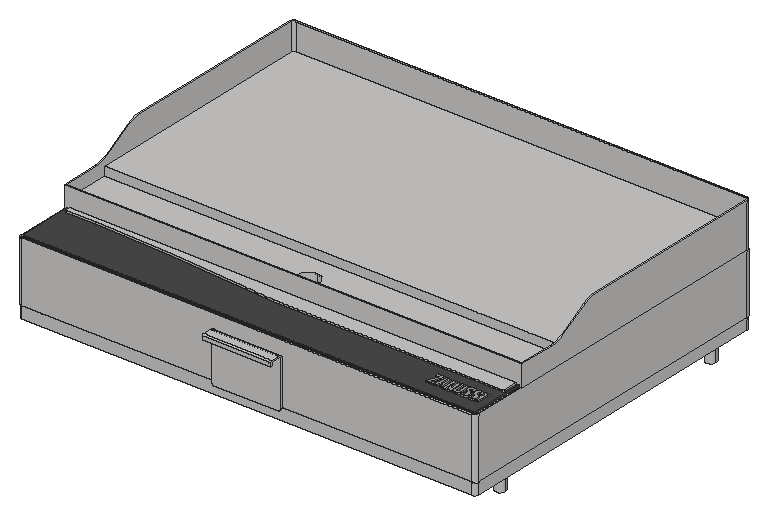
Revit family "QF_ZANUSSI_600899_Z1IREDOMES", category Specialty Equipment, Revit 2018
Family settings
  Round Connector Dimension = Use Diameter
  Part Type = Normal
  Work Plane-Based = No
  Always vertical = Yes
  Cut with Voids When Loaded = No
  Shared = No
  Room Calculation Point = No
Parameters
  Watts = 0 W
  Volts = 0 V
  URL = ""
  Steam Supply Size = 0 mm
  Steam Supply Minimum Pressure = 0.0 Pa
  Steam Supply Maximum Pressure = 0.0 Pa
  Steam Pounds per Hour = 0
  Show Logo [instance] = yes
  Manufacturer = ""
  Phase = 0
  Model = ""
  Item Number = ""
  Hot Water Size = 0 mm
  HP = "9.4 HP"
  Gas Size = 0 mm
  Gas KW = 0
  Direct Waste Size = 0 mm
  Description = ""
  Cycle = 0 Hz
  Condensate Return Size = 0 mm
  Compressed Air Volume = 0.0 L/s
  Compressed Air Size = 0 mm
  Compressed Air Pressure = 0.0 Pa
  Cold Water Size = 0 mm
Types (2, lengths in mm): name | Volts | URL | Manufacturer | Phase | Model | Item Number | Description | Cycle
  (no name) | 0 V | "" | "" | 0 | "" | "" | "" | 0 Hz
  Standard | 380 V | "http://www.zanussiprofessional.com" | "Zanussi" | 3 | "Z1IREDOMES" | "600899" | "PLUG-IN INDUCTION GRIDDLE XL, STAINLESS STEEL SMOOTH PLATE - 3-PHASE" | 60 Hz
Reference planes
  plane 1 "Centro (Fronte/Retro)": y = 74.737
  plane 2: z = 0
  plane 3: x = -514.269
  plane 4 "LEFT": x = -914.269
  plane 5 "RIGHT": x = -114.269
  plane 6 "BACK": y = 374.737
  plane 7 "FRONT": y = -225.263
  plane 8: x = -912.269
  plane 9: y = 372.737
  plane 10: x = -116.269
  plane 11: y = -223.263
  plane 12: y = -124.263
  plane 13: x = -901.269
  plane 14: x = -127.269
  plane 15: y = 304.737
  plane 16: y = -155.263
  plane 17: x = -514.269
  plane 18: y = 146.737
  plane 19: z = 764
Forms (mm)
  Extrusion 1, solid, material "QF_Finishes_Stainless Steel"
    sketch origin (0, 0, 788) x (1, 0, 0) y (0, 1, 0)
      loop
        arc (-907.269, 374.737) -> (-912.218, 372.687) -> (-914.269, 367.737) r 7
        line (-914.269, 367.737) -> (-914.269, -218.263)
        arc (-914.269, -218.263) -> (-912.218, -223.213) -> (-907.269, -225.263) r 7
        line (-907.269, -225.263) -> (-121.269, -225.263)
        arc (-121.269, -225.263) -> (-116.319, -223.213) -> (-114.269, -218.263) r 7
        line (-114.269, -218.263) -> (-114.269, 367.737)
        arc (-114.269, 367.737) -> (-116.319, 372.687) -> (-121.269, 374.737) r 7
        line (-121.269, 374.737) -> (-907.269, 374.737)
    from 0 to 20
  Extrusion 2, solid, material "QF_Finishes_Stainless Steel"
    sketch origin (0, 0, 788) x (1, 0, 0) y (0, 1, 0)
      loop
        line (-121.269, 374.737) -> (-907.269, 374.737)
        arc (-907.269, 374.737) -> (-912.218, 372.687) -> (-914.269, 367.737) r 7
        line (-914.269, 367.737) -> (-914.269, -218.263)
        arc (-914.269, -218.263) -> (-912.218, -223.213) -> (-907.269, -225.263) r 7
        line (-907.269, -225.263) -> (-121.269, -225.263)
        arc (-121.269, -225.263) -> (-116.319, -223.213) -> (-114.269, -218.263) r 7
        line (-114.269, -218.263) -> (-114.269, 367.737)
        arc (-114.269, 367.737) -> (-116.319, 372.687) -> (-121.269, 374.737) r 7
      loop
        arc (-907.269, 372.737) -> (-910.804, 371.273) -> (-912.269, 367.737) r 5
        line (-912.269, 367.737) -> (-912.269, -218.263)
        arc (-912.269, -218.263) -> (-910.804, -221.798) -> (-907.269, -223.263) r 5
        line (-907.269, -223.263) -> (-121.269, -223.263)
        arc (-121.269, -223.263) -> (-117.733, -221.798) -> (-116.269, -218.263) r 5
        line (-116.269, -218.263) -> (-116.269, 367.737)
        arc (-116.269, 367.737) -> (-117.733, 371.273) -> (-121.269, 372.737) r 5
        line (-121.269, 372.737) -> (-907.269, 372.737)
    from 20 to 126
  Extrusion 3, solid, material "QF_Finishes_Black"
    sketch origin (0, 0, 914) x (-1, 0, 0) y (0, -1, 0)
      loop
        line (909.269, 124.263) -> (909.269, 218.263)
        arc (909.269, 218.263) -> (908.683, 219.677) -> (907.269, 220.263) r 2
        line (907.269, 220.263) -> (121.269, 220.263)
        arc (121.269, 220.263) -> (119.854, 219.677) -> (119.269, 218.263) r 2
        line (119.269, 218.263) -> (119.269, 124.263) -> (909.269, 124.263)
    from 0 to 2
  Extrusion 4, solid, material "QF_Finishes_Stainless Steel"
    sketch origin (0, 0, 140) x (-1, 0, 0) y (0, -1, 0)
      loop
        circle (901.269, -304.737) r 9
      loop
        circle (127.269, -304.737) r 9
      loop
        circle (901.269, 155.263) r 9
      loop
        circle (127.269, 155.263) r 9
    from 624 to 648
  Extrusion 5, solid, material "QF_Finishes_Stainless Steel"
    sketch origin (0, 0, 140) x (-1, 0, 0) y (0, -1, 0)
      loop
        circle (514.269, -146.737) r 10
    from 638.028 to 648
  Extrusion 6, solid, material "QF_Finishes_Stainless Steel"
    sketch origin (0, 0, 140) x (-1, 0, 0) y (0, -1, 0)
      loop
        line (121.269, -374.737) -> (907.269, -374.737)
        arc (907.269, -374.737) -> (912.218, -372.687) -> (914.269, -367.737) r 7
        line (914.269, -367.737) -> (914.269, 124.263) -> (114.269, 124.263) -> (114.269, -367.737)
        arc (114.269, -367.737) -> (116.319, -372.687) -> (121.269, -374.737) r 7
      loop
        line (912.269, 122.263) -> (116.269, 122.263) -> (116.269, -367.737)
        arc (116.269, -367.737) -> (117.733, -371.273) -> (121.269, -372.737) r 5
        line (121.269, -372.737) -> (907.269, -372.737)
        arc (907.269, -372.737) -> (910.804, -371.273) -> (912.269, -367.737) r 5
        line (912.269, -367.737) -> (912.269, 122.263)
    from 774 to 851
  Extrusion 7, void
    sketch origin (-914.269, 367.737, 140) x (0, 1, 0) y (0, 0, 1)
      loop
        line (-492, 851) -> (-492, 811) -> (-425.278, 811)
        arc (-425.278, 811) -> (-412.445, 812.675) -> (-400.471, 817.588) r 50
        line (-400.471, 817.588) -> (-353.529, 844.412)
        arc (-353.529, 844.412) -> (-341.555, 849.325) -> (-328.722, 851) r 50
        line (-328.722, 851) -> (-492, 851)
    from 0 to 800
  Extrusion 8, solid, material "QF_Finishes_Stainless Steel"
    sketch origin (0, 0, 140) x (-1, 0, 0) y (0, -1, 0)
      loop
        line (912.269, -367.737) -> (912.269, 40.263) -> (116.269, 40.263) -> (116.269, -367.737)
        arc (116.269, -367.737) -> (117.733, -371.273) -> (121.269, -372.737) r 5
        line (121.269, -372.737) -> (907.269, -372.737)
        arc (907.269, -372.737) -> (910.804, -371.273) -> (912.269, -367.737) r 5
    from 774 to 804.06
  Extrusion 9, solid, material "QF_Finishes_Stainless Steel"
    sketch origin (0, 0, 140) x (-1, 0, 0) y (0, -1, 0)
      loop
        line (912.269, 40.263) -> (912.269, 122.263) -> (116.269, 122.263) -> (116.269, 40.263) -> (912.269, 40.263)
    from 774 to 789
  Extrusion 10, solid, material "QF_Finishes_Stainless Steel"
    sketch origin (-574.269, 367.737, 788) x (0, -1, 0) y (0, 0, 1)
      loop
        line (593, 14) -> (594.5, 14) -> (594.5, 99)
        arc (594.5, 99) -> (594.939, 100.061) -> (596, 100.5) r 1.5
        line (596, 100.5) -> (612, 100.5)
        arc (612, 100.5) -> (613.061, 100.061) -> (613.5, 99) r 1.5
        line (613.5, 99) -> (613.5, 94) -> (615, 94) -> (615, 99)
        arc (615, 99) -> (614.121, 101.121) -> (612, 102) r 3
        line (612, 102) -> (596, 102)
        arc (596, 102) -> (593.879, 101.121) -> (593, 99) r 3
        line (593, 99) -> (593, 14)
    from 0 to -120
  Extrusion 11, void
    sketch origin (-574.269, -226.763, 802) x (0, 0, 1) y (1, 0, 0)
      loop
        arc (4, 0) -> (1.172, 1.172) -> (0, 4) r 4
        line (0, 4) -> (0, 0) -> (4, 0)
      loop
        line (4, 120) -> (0, 120) -> (0, 116)
        arc (0, 116) -> (1.172, 118.828) -> (4, 120) r 4
    from 1.5 to 0
  Extrusion 12, void
    sketch origin (-574.269, -247.263, 890) x (0, 0, 1) y (1, 0, 0)
      loop
        arc (-4, 0) -> (-6.828, 1.172) -> (-8, 4) r 4
        line (-8, 4) -> (-8, 0) -> (-4, 0)
      loop
        line (-4, 120) -> (-8, 120) -> (-8, 116)
        arc (-8, 116) -> (-6.828, 118.828) -> (-4, 120) r 4
    from 0 to 1.5
  Extrusion 13, void
    sketch origin (353.267, 0, 929) x (0, -1, 0) y (-1, 0, 0)
      loop
        circle (91.263, 867.536) r 19
    from 0 to 71.307
  Extrusion 14, solid, material "QF_Finishes_Stainless Steel"
    sketch origin (-200, 0, 914) x (-1, 0, 0) y (0, -1, 0)
      loop
        arc (702.769, 124.263) -> (703.829, 124.702) -> (704.269, 125.763) r 1.5
        line (704.269, 125.763) -> (704.269, 132.763)
        arc (704.269, 132.763) -> (703.829, 133.824) -> (702.769, 134.263) r 1.5
        line (702.769, 134.263) -> (651.769, 134.263)
        arc (651.769, 134.263) -> (582.973, 135.513) -> (514.269, 139.263) r 1893.125
        arc (514.269, 139.263) -> (420.209, 148.26) -> (325.769, 151.263) r 1486.51
        line (325.769, 151.263) -> (-74.231, 151.263)
        arc (-74.231, 151.263) -> (-75.292, 150.824) -> (-75.731, 149.763) r 1.5
        line (-75.731, 149.763) -> (-75.731, 125.763)
        arc (-75.731, 125.763) -> (-75.292, 124.702) -> (-74.231, 124.263) r 1.5
        line (-74.231, 124.263) -> (702.769, 124.263)
    from 2 to 5
Cuts and joins
  Extrusion 7 cuts Extrusion 6
  Extrusion 11 cuts Extrusion 1
  Extrusion 11 cuts Extrusion 10
  Extrusion 13 cuts Extrusion 9
Lines and regions (mm)
  symbolic lines
    curve 1: line (-121.269, 374.737, 126) -> (-907.269, 374.737, 126)
    curve 2: arc (-907.269, 374.737, 126) -> (-912.218, 372.687, 126) -> (-914.269, 367.737, 126) r 7
    curve 3: line (-914.269, 367.737, 126) -> (-914.269, -218.263, 126)
    curve 4: arc (-914.269, -218.263, 126) -> (-912.218, -223.213, 126) -> (-907.269, -225.263, 126) r 7
    curve 5: line (-907.269, -225.263, 126) -> (-121.269, -225.263, 126)
    curve 6: arc (-121.269, -225.263, 126) -> (-116.319, -223.213, 126) -> (-114.269, -218.263, 126) r 7
    curve 7: line (-114.269, -218.263, 126) -> (-114.269, 367.737, 126)
    curve 8: arc (-114.269, 367.737, 126) -> (-116.319, 372.687, 126) -> (-121.269, 374.737, 126) r 7
    curve 9: line (-907.269, 372.737, 126) -> (-121.269, 372.737, 126)
    curve 10: arc (-121.269, 372.737, 126) -> (-117.733, 371.273, 126) -> (-116.269, 367.737, 126) r 5
    curve 11: line (-116.269, 367.737, 126) -> (-116.269, -218.263, 126)
    curve 12: arc (-116.269, -218.263, 126) -> (-117.733, -221.798, 126) -> (-121.269, -223.263, 126) r 5
    curve 13: line (-121.269, -223.263, 126) -> (-907.269, -223.263, 126)
    curve 14: arc (-907.269, -223.263, 126) -> (-910.804, -221.798, 126) -> (-912.269, -218.263, 126) r 5
    curve 15: line (-912.269, -218.263, 126) -> (-912.269, 367.737, 126)
    curve 16: arc (-912.269, 367.737, 126) -> (-910.804, 371.273, 126) -> (-907.269, 372.737, 126) r 5
    curve 17: line (-119.269, -218.263, 126) -> (-119.269, -124.263, 126)
    curve 18: line (-909.269, -124.263, 126) -> (-909.269, -218.263, 126)
    curve 19: arc (-909.269, -218.263, 126) -> (-908.683, -219.677, 126) -> (-907.269, -220.263, 126) r 2
    curve 20: line (-907.269, -220.263, 126) -> (-121.269, -220.263, 126)
    curve 21: arc (-121.269, -220.263, 126) -> (-119.854, -219.677, 126) -> (-119.269, -218.263, 126) r 2
    curve 22: line (-909.269, -124.263, 0) -> (-119.269, -124.263, 0)
    curve 23: line (-912.269, -40.263, 126) -> (-116.269, -40.263, 126)
    curve 24: arc (-514.269, -110.263, 126) -> (-533.269, -91.263, 126) -> (-514.269, -72.263, 126) r 19
    curve 25: arc (-514.269, -72.263, 126) -> (-495.269, -91.263, 126) -> (-514.269, -110.263, 126) r 19
    curve 26: line (-116.269, -122.263, 126) -> (-912.269, -122.263, 126)
    curve 27: line (-574.269, -225.263, 126) -> (-574.269, -247.263, 126)
    curve 28: line (-574.269, -247.263, 126) -> (-454.269, -247.263, 126)
    curve 29: line (-454.269, -247.263, 126) -> (-454.269, -225.263, 126)
    curve 30: arc (-714.269, -139.263, 126) -> (-620.209, -148.26, 126) -> (-525.769, -151.263, 126) r 1486.51
    curve 31: line (-525.769, -151.263, 126) -> (-125.769, -151.263, 126)
    curve 32: arc (-851.769, -134.263, 126) -> (-782.973, -135.513, 126) -> (-714.269, -139.263, 126) r 1893.125
    curve 33: line (-902.769, -134.263, 126) -> (-851.769, -134.263, 126)
    curve 34: arc (-904.269, -132.763, 126) -> (-903.829, -133.824, 126) -> (-902.769, -134.263, 126) r 1.5
    curve 35: line (-904.269, -125.763, 126) -> (-904.269, -132.763, 126)
    curve 36: arc (-902.769, -124.263, 126) -> (-903.829, -124.702, 126) -> (-904.269, -125.763, 126) r 1.5
    curve 37: arc (-125.769, -151.263, 126) -> (-124.708, -150.824, 126) -> (-124.269, -149.763, 126) r 1.5
    curve 38: line (-124.269, -149.763, 126) -> (-124.269, -125.763, 126)
    curve 39: arc (-124.269, -125.763, 126) -> (-124.708, -124.702, 126) -> (-125.769, -124.263, 126) r 1.5
    curve 40: line (-223.54, -176.753, 126) -> (-217.083, -176.613, 126)
    curve 41: line (-217.083, -176.613, 126) -> (-224.101, -191.352, 126)
    curve 42: line (-224.101, -191.352, 126) -> (-224.101, -196.265, 126)
    curve 43: line (-224.101, -196.265, 126) -> (-211.327, -196.265, 126)
    curve 44: line (-211.327, -196.265, 126) -> (-211.327, -191.352, 126)
    curve 45: line (-211.327, -191.352, 126) -> (-218.696, -191.352, 126)
    curve 46: line (-218.696, -191.352, 126) -> (-211.327, -176.332, 126)
    curve 47: line (-211.327, -176.332, 126) -> (-211.327, -172.261, 126)
    curve 48: line (-211.327, -172.261, 126) -> (-223.54, -172.261, 126)
    curve 49: line (-223.54, -172.261, 126) -> (-223.54, -176.753, 126)
    curve 50: line (-199.957, -172.261, 126) -> (-206.695, -172.261, 126)
    curve 51: line (-206.695, -172.261, 126) -> (-211.327, -196.265, 126)
    curve 52: line (-211.327, -196.265, 126) -> (-205.993, -196.265, 126)
    curve 53: line (-205.993, -196.265, 126) -> (-205.291, -191.633, 126)
    curve 54: line (-205.291, -191.633, 126) -> (-201.221, -191.633, 126)
    curve 55: line (-201.221, -191.633, 126) -> (-200.519, -196.265, 126)
    curve 56: line (-200.519, -196.265, 126) -> (-195.465, -196.265, 126)
    curve 57: line (-195.465, -196.265, 126) -> (-199.957, -172.261, 126)
    curve 58: line (-204.73, -187.281, 126) -> (-203.326, -176.364, 126)
    curve 59: line (-203.326, -176.364, 126) -> (-201.922, -187.281, 126)
    curve 60: line (-201.922, -187.281, 126) -> (-204.73, -187.281, 126)
    curve 61: line (-195.465, -172.261, 126) -> (-195.465, -196.265, 126)
    curve 62: line (-195.465, -196.265, 126) -> (-190.833, -196.265, 126)
    curve 63: line (-190.833, -196.265, 126) -> (-190.833, -180.403, 126)
    curve 64: line (-190.833, -180.403, 126) -> (-186.762, -196.265, 126)
    curve 65: line (-186.762, -196.265, 126) -> (-181.428, -196.265, 126)
    curve 66: line (-181.428, -196.265, 126) -> (-181.428, -172.261, 126)
    curve 67: line (-181.428, -172.261, 126) -> (-185.92, -172.261, 126)
    curve 68: line (-185.92, -172.261, 126) -> (-185.92, -187.562, 126)
    curve 69: line (-185.92, -187.562, 126) -> (-189.991, -172.261, 126)
    curve 70: line (-189.991, -172.261, 126) -> (-195.465, -172.261, 126)
    curve 71: line (-180.305, -172.261, 126) -> (-180.305, -188.404, 126)
    curve 72: line (-180.305, -188.404, 126) -> (-180.024, -192.334, 126)
    curve 73: line (-180.024, -192.334, 126) -> (-179.603, -193.317, 126)
    curve 74: line (-179.603, -193.317, 126) -> (-178.62, -194.58, 126)
    curve 75: line (-178.62, -194.58, 126) -> (-177.638, -195.282, 126)
    curve 76: line (-177.638, -195.282, 126) -> (-175.672, -196.124, 126)
    curve 77: line (-175.672, -196.124, 126) -> (-174.69, -196.265, 126)
    curve 78: line (-174.69, -196.265, 126) -> (-172.444, -196.265, 126)
    curve 79: line (-172.444, -196.265, 126) -> (-171.321, -195.984, 126)
    curve 80: line (-171.321, -195.984, 126) -> (-169.636, -195.001, 126)
    curve 81: line (-169.636, -195.001, 126) -> (-167.671, -192.194, 126)
    curve 82: line (-167.671, -192.194, 126) -> (-167.531, -191.211, 126)
    curve 83: line (-167.531, -191.211, 126) -> (-167.531, -172.261, 126)
    curve 84: line (-167.531, -172.261, 126) -> (-172.444, -172.261, 126)
    curve 85: line (-172.444, -172.261, 126) -> (-172.444, -190.088, 126)
    curve 86: line (-172.444, -190.088, 126) -> (-173.005, -191.352, 126)
    curve 87: line (-173.005, -191.352, 126) -> (-174.55, -191.492, 126)
    curve 88: line (-174.55, -191.492, 126) -> (-175.392, -190.509, 126)
    curve 89: line (-175.392, -190.509, 126) -> (-175.392, -172.261, 126)
    curve 90: line (-175.392, -172.261, 126) -> (-180.305, -172.261, 126)
    curve 91: line (-155.038, -184.895, 126) -> (-160.653, -179.841, 126)
    curve 92: line (-160.653, -179.841, 126) -> (-161.354, -178.999, 126)
    curve 93: line (-161.354, -178.999, 126) -> (-161.635, -176.753, 126)
    curve 94: line (-161.635, -176.753, 126) -> (-159.951, -175.911, 126)
    curve 95: line (-159.951, -175.911, 126) -> (-158.547, -176.893, 126)
    curve 96: line (-158.547, -176.893, 126) -> (-158.407, -179.841, 126)
    curve 97: line (-158.407, -179.841, 126) -> (-153.774, -179.841, 126)
    curve 98: line (-153.774, -179.841, 126) -> (-154.055, -175.068, 126)
    curve 99: line (-154.055, -175.068, 126) -> (-157.003, -172.401, 126)
    curve 100: line (-157.003, -172.401, 126) -> (-165.144, -173.805, 126)
    curve 101: line (-165.144, -173.805, 126) -> (-166.127, -180.824, 126)
    curve 102: line (-166.127, -180.824, 126) -> (-163.881, -184.052, 126)
    curve 103: line (-163.881, -184.052, 126) -> (-161.495, -186.158, 126)
    curve 104: line (-161.495, -186.158, 126) -> (-158.547, -189.106, 126)
    curve 105: line (-158.547, -189.106, 126) -> (-159.108, -191.773, 126)
    curve 106: line (-159.108, -191.773, 126) -> (-160.933, -191.913, 126)
    curve 107: line (-160.933, -191.913, 126) -> (-161.916, -187.842, 126)
    curve 108: line (-161.916, -187.842, 126) -> (-166.829, -187.842, 126)
    curve 109: line (-166.829, -187.842, 126) -> (-165.425, -194.44, 126)
    curve 110: line (-165.425, -194.44, 126) -> (-159.249, -196.265, 126)
    curve 111: line (-159.249, -196.265, 126) -> (-153.634, -192.334, 126)
    curve 112: line (-153.634, -192.334, 126) -> (-155.038, -184.895, 126)
    curve 113: line (-141.141, -184.754, 126) -> (-147.036, -179.42, 126)
    curve 114: line (-147.036, -179.42, 126) -> (-147.738, -177.595, 126)
    curve 115: line (-147.738, -177.595, 126) -> (-147.177, -176.191, 126)
    curve 116: line (-147.177, -176.191, 126) -> (-145.913, -175.911, 126)
    curve 117: line (-145.913, -175.911, 126) -> (-144.51, -176.893, 126)
    curve 118: line (-144.51, -176.893, 126) -> (-144.369, -179.701, 126)
    curve 119: line (-144.369, -179.701, 126) -> (-139.597, -179.841, 126)
    curve 120: line (-139.597, -179.841, 126) -> (-140.158, -174.928, 126)
    curve 121: line (-140.158, -174.928, 126) -> (-147.598, -171.98, 126)
    curve 122: line (-147.598, -171.98, 126) -> (-152.09, -175.63, 126)
    curve 123: line (-152.09, -175.63, 126) -> (-150.826, -182.929, 126)
    curve 124: line (-150.826, -182.929, 126) -> (-145.633, -187.562, 126)
    curve 125: line (-145.633, -187.562, 126) -> (-144.51, -189.246, 126)
    curve 126: line (-144.51, -189.246, 126) -> (-144.931, -191.773, 126)
    curve 127: line (-144.931, -191.773, 126) -> (-146.335, -192.054, 126)
    curve 128: line (-146.335, -192.054, 126) -> (-147.878, -187.702, 126)
    curve 129: line (-147.878, -187.702, 126) -> (-152.792, -187.842, 126)
    curve 130: line (-152.792, -187.842, 126) -> (-150.967, -194.721, 126)
    curve 131: line (-150.967, -194.721, 126) -> (-142.966, -195.703, 126)
    curve 132: line (-142.966, -195.703, 126) -> (-139.877, -192.896, 126)
    curve 133: line (-139.877, -192.896, 126) -> (-141.141, -184.754, 126)
    curve 134: line (-133.841, -196.265, 126) -> (-133.841, -172.261, 126)
    curve 135: line (-133.841, -172.261, 126) -> (-138.754, -172.261, 126)
    curve 136: line (-138.754, -172.261, 126) -> (-138.754, -196.265, 126)
    curve 137: line (-138.754, -196.265, 126) -> (-133.841, -196.265, 126)
Dimensions and locks
  equal spacing: plane 4 "LEFT", plane 3, plane 5 "RIGHT"
  plane 4 "LEFT" to plane 5 "RIGHT" = 800 mm
  equal spacing: plane 6 "BACK", plane 1 "Centro (Fronte/Retro)", plane 7 "FRONT"
  plane 6 "BACK" to plane 7 "FRONT" = 600 mm
  locked: plane 4 "LEFT" to plane 13 at 13
  locked: plane 14 to plane 5 "RIGHT" at 13
  locked: plane 6 "BACK" to plane 15 at 70
  locked: plane 16 to plane 7 "FRONT" at 70
  plane 17 to plane 5 "RIGHT" = 400 mm
  plane 6 "BACK" to plane 18 = 228 mm
  locked: plane 10 to plane 5 "RIGHT" at 2
  locked: plane 11 to plane 7 "FRONT" at 2
  locked: plane 4 "LEFT" to plane 8 at 2
  plane 19 to level = 764 mm
  aligned and locked: level to plane 2
Automatic sketch dimensions
  curve 22 to plane 12 = 0 mm
  plane 8 to curve 22 = 3 mm
  curve 22 to plane 10 = 3 mm
  curve 2 to curve 16 = 0 mm  (x2)
  curve 4 to curve 14 = 0 mm  (x2)
  curve 4 to curve 19 = 0 mm  (x2)
  curve 6 to curve 12 = 0 mm  (x2)
  curve 6 to curve 21 = 0 mm  (x2)
  curve 8 to curve 10 = 0 mm  (x2)
  curve 12 to curve 21 = 0 mm  (x2)
  curve 14 to curve 19 = 0 mm  (x2)
  curve 24 to curve 25 = 0 mm  (x2)
  curve 6 to plane 5 "RIGHT" = 0 mm
  curve 12 to plane 10 = 0 mm
  curve 17 to plane 12 = 0 mm
  curve 5 to plane 7 "FRONT" = 0 mm
  curve 8 to plane 6 "BACK" = 0 mm
  curve 39 to plane 12 = 0 mm
  curve 25 to plane 3 = 0 mm
  curve 36 to plane 12 = 0 mm
  curve 18 to plane 12 = 0 mm
  curve 23 to plane 8 = 0 mm
  curve 11 to curve 17 = 3 mm
  curve 17 to curve 6 = 2 mm
  curve 8 to plane 9 = 5 mm
  plane 14 to curve 38 = 3 mm
  plane 14 to curve 31 = 1.5 mm
  curve 39 to curve 39 = 1.5 mm
  curve 134 to plane 14 = 6.573 mm
  curve 134 to curve 137 = 4.913 mm
  curve 135 to curve 119 = 0.842 mm
  curve 136 to curve 132 = 1.123 mm
  curve 135 to curve 121 = 1.404 mm
  curve 119 to curve 133 = 1.544 mm
  curve 132 to curve 131 = 3.088 mm
  curve 119 to curve 118 = 4.773 mm
  curve 118 to curve 118 = 0.141 mm
  curve 113 to curve 125 = 3.369 mm
  curve 125 to curve 127 = 0.421 mm
  curve 125 to curve 124 = 1.123 mm
  curve 117 to curve 116 = 1.404 mm
  curve 126 to curve 128 = 1.404 mm
  curve 118 to curve 113 = 2.667 mm
  curve 116 to curve 115 = 1.263 mm
  curve 115 to curve 122 = 0.421 mm
  curve 115 to curve 114 = 0.562 mm
  curve 124 to curve 128 = 2.246 mm
  curve 113 to curve 124 = 3.79 mm
  curve 127 to curve 131 = 4.632 mm
  curve 114 to curve 123 = 4.352 mm
  curve 128 to curve 130 = 4.913 mm
  curve 130 to curve 111 = 2.667 mm
  curve 123 to curve 97 = 2.948 mm
  curve 122 to curve 98 = 1.965 mm
  curve 129 to curve 112 = 2.246 mm
  curve 98 to curve 99 = 2.948 mm
  curve 97 to curve 96 = 4.632 mm
  curve 96 to curve 95 = 0.14 mm
  curve 91 to curve 104 = 3.509 mm
  curve 104 to curve 106 = 0.562 mm
  curve 105 to curve 110 = 0.14 mm
  curve 95 to curve 94 = 1.404 mm
  curve 96 to curve 92 = 2.246 mm
  curve 105 to curve 107 = 1.825 mm
  curve 91 to curve 92 = 0.702 mm
  curve 104 to curve 104 = 2.948 mm
  curve 94 to curve 93 = 1.684 mm
  curve 103 to curve 108 = 0.421 mm
  curve 103 to curve 103 = 2.386 mm
  curve 101 to plane 16 = 18.542 mm
  curve 93 to curve 101 = 3.509 mm
  curve 106 to curve 109 = 4.492 mm
  curve 102 to curve 101 = 2.246 mm
  curve 102 to curve 109 = 2.948 mm
  curve 100 to curve 83 = 2.386 mm
  curve 82 to curve 82 = 0.14 mm
  curve 81 to curve 80 = 1.965 mm
  curve 80 to curve 79 = 1.685 mm
  curve 82 to curve 85 = 4.913 mm
  curve 79 to curve 78 = 1.123 mm
  curve 85 to curve 86 = 0.561 mm
  curve 86 to curve 88 = 1.544 mm
  curve 78 to curve 77 = 2.246 mm
  curve 84 to curve 89 = 2.948 mm
  curve 77 to curve 76 = 0.982 mm
  curve 76 to curve 75 = 1.965 mm
  curve 75 to curve 74 = 0.983 mm
  curve 74 to curve 74 = 0.983 mm
  curve 73 to curve 73 = 0.421 mm
  curve 89 to curve 90 = 4.913 mm
  curve 74 to curve 66 = 2.808 mm
  curve 66 to curve 67 = 4.492 mm
  plane 11 to curve 64 = 26.998 mm
  curve 65 to curve 64 = 5.334 mm
  curve 67 to curve 70 = 4.071 mm
  curve 69 to curve 63 = 0.842 mm
  curve 62 to curve 56 = 4.632 mm
  curve 57 to plane 16 = 16.998 mm
  curve 61 to curve 57 = 4.492 mm
  plane 11 to curve 55 = 26.998 mm
  curve 56 to curve 55 = 5.053 mm
  plane 11 to curve 55 = 31.63 mm
  curve 55 to curve 55 = 0.702 mm
  curve 59 to plane 16 = 32.018 mm
  curve 54 to curve 59 = 0.702 mm
  curve 58 to plane 16 = 21.101 mm
  curve 50 to curve 58 = 3.369 mm
  curve 59 to curve 58 = 2.807 mm
  curve 54 to curve 53 = 4.071 mm
  plane 11 to curve 53 = 26.998 mm
  curve 53 to curve 53 = 0.702 mm
  curve 58 to curve 51 = 3.369 mm
  curve 52 to curve 51 = 5.334 mm
  curve 46 to plane 16 = 21.069 mm
  curve 50 to curve 46 = 4.632 mm
  curve 40 to plane 16 = 21.35 mm
  curve 46 to curve 40 = 5.755 mm
  plane 11 to curve 46 = 31.911 mm
  curve 44 to curve 46 = 7.368 mm
  curve 40 to curve 48 = 6.457 mm
  plane 11 to curve 41 = 31.911 mm
  curve 45 to curve 41 = 5.406 mm
  curve 29 to plane 7 "FRONT" = 22 mm
  plane 3 to curve 29 = 60 mm
  curve 30 to plane 3 = 11.5 mm
  curve 27 to plane 3 = 60 mm
  curve 33 to plane 12 = 10 mm
  plane 13 to curve 33 = 49.5 mm
  curve 34 to plane 13 = 1.5 mm
  curve 36 to plane 13 = 1.5 mm
  curve 34 to curve 35 = 1.5 mm
  plane 8 to curve 9 = 5 mm
  plane 8 to curve 13 = 5 mm
  plane 6 "BACK" to curve 30 = 960.51 mm
  plane 12 to curve 25 = 33 mm
  curve 38 to curve 38 = 24 mm
  curve 122 to plane 16 = 16.717 mm
  curve 121 to curve 136 = 0.281 mm
  curve 50 to curve 61 = 0 mm
  curve 69 to curve 66 = 0 mm
  curve 66 to curve 90 = 0 mm
  curve 49 to curve 40 = 4.352 mm
  curve 83 to curve 100 = 1.544 mm
  curve 99 to curve 100 = 1.404 mm
  curve 135 to curve 120 = 2.667 mm
  curve 99 to curve 99 = 2.667 mm
  curve 98 to curve 123 = 0.561 mm
  curve 121 to curve 116 = 3.93 mm
  curve 99 to curve 94 = 3.509 mm
  curve 116 to curve 116 = 0.281 mm
  curve 94 to curve 94 = 0.842 mm
  curve 48 to curve 49 = 4.492 mm
  curve 116 to curve 117 = 0.983 mm
  curve 94 to curve 96 = 0.983 mm
  curve 115 to curve 115 = 1.404 mm
  curve 93 to curve 92 = 2.246 mm
  curve 114 to curve 114 = 1.825 mm
  curve 113 to curve 119 = 0.281 mm
  curve 118 to curve 119 = 0.14 mm
  curve 122 to curve 98 = 4.211 mm
  curve 92 to curve 91 = 0.842 mm
  curve 69 to curve 63 = 8.142 mm
  curve 92 to curve 102 = 1.825 mm
  curve 97 to curve 123 = 3.088 mm
  curve 101 to curve 103 = 3.228 mm
  curve 119 to curve 113 = 4.913 mm
  curve 123 to curve 112 = 1.965 mm
  curve 102 to curve 104 = 2.106 mm
  curve 63 to curve 69 = 7.159 mm
  curve 113 to curve 125 = 2.807 mm
  curve 124 to curve 129 = 0.14 mm
  curve 102 to curve 108 = 3.79 mm
  curve 91 to curve 130 = 2.948 mm
  curve 68 to curve 72 = 0.842 mm
  curve 107 to curve 105 = 1.264 mm
  curve 124 to curve 126 = 1.685 mm
  curve 108 to curve 86 = 2.246 mm
  curve 85 to curve 88 = 0.421 mm
  curve 108 to curve 83 = 3.369 mm
  curve 85 to curve 87 = 1.263 mm
  curve 88 to curve 88 = 0.983 mm
  curve 125 to curve 127 = 2.527 mm
  curve 104 to curve 106 = 2.667 mm
  curve 105 to curve 106 = 0.14 mm
  curve 126 to curve 128 = 0.281 mm
  curve 82 to curve 81 = 0.982 mm
  curve 129 to curve 111 = 4.492 mm
  curve 71 to curve 73 = 3.93 mm
  curve 126 to curve 133 = 1.123 mm
  curve 72 to curve 73 = 0.983 mm
  curve 81 to curve 110 = 2.246 mm
  curve 73 to curve 75 = 1.263 mm
  curve 111 to curve 130 = 2.386 mm
  curve 81 to curve 80 = 2.808 mm
  curve 74 to curve 75 = 0.702 mm
  curve 132 to curve 131 = 2.807 mm
  curve 80 to curve 80 = 0.983 mm
  curve 75 to curve 76 = 0.842 mm
  curve 105 to curve 110 = 4.492 mm
  curve 76 to curve 77 = 0.14 mm
  curve 132 to curve 134 = 3.369 mm
  curve 27 to curve 32 = 1780.125 mm
  plane 12 to curve 23 = 84 mm
  curve 24 to curve 24 = 19 mm
  plane 12 to curve 26 = 2 mm
  Extrusion 1 sketch curve to plane 4 "LEFT" = 0 mm
  Extrusion 1 sketch curve to plane 7 "FRONT" = 0 mm
  Extrusion 1 sketch curve to plane 6 "BACK" = 0 mm
  Extrusion 1 sketch curve to plane 5 "RIGHT" = 0 mm
  plane 8 to Extrusion 1 sketch curve = 5 mm  (x2)
  Extrusion 1 sketch curve to plane 10 = 5 mm  (x2)
  Extrusion 2 sketch curve to Extrusion 2 sketch curve = 0 mm  (x8)
  Extrusion 2 sketch curve to plane 4 "LEFT" = 0 mm
  Extrusion 2 sketch curve to plane 8 = 0 mm
  Extrusion 2 sketch curve to plane 6 "BACK" = 0 mm
  Extrusion 2 sketch curve to plane 7 "FRONT" = 0 mm
  Extrusion 2 sketch curve to plane 10 = 0 mm
  Extrusion 2 sketch curve to Extrusion 2 sketch curve = 5 mm  (x2)
  Extrusion 2 sketch curve to plane 10 = 5 mm  (x2)
  Extrusion 3 sketch curve to plane 12 = 0 mm
  Extrusion 3 sketch curve to plane 10 = 3 mm
  Extrusion 3 sketch curve to Extrusion 3 sketch curve = 2 mm  (x2)
  plane 8 to Extrusion 3 sketch curve = 5 mm
  plane 11 to Extrusion 3 sketch curve = 5 mm
  Extrusion 4 sketch curve to plane 14 = 0 mm  (x2)
  Extrusion 4 sketch curve to plane 13 = 0 mm  (x2)
  plane 15 to Extrusion 4 sketch curve = 0 mm
  Extrusion 4 sketch curve to plane 15 = 0 mm
  plane 16 to Extrusion 4 sketch curve = 0 mm
  Extrusion 4 sketch curve to plane 16 = 0 mm
  Extrusion 5 sketch curve to plane 3 = 0 mm
  Extrusion 5 sketch curve to plane 18 = 0 mm
  Extrusion 6 sketch curve to Extrusion 6 sketch curve = 0 mm  (x4)
  Extrusion 6 sketch curve to plane 5 "RIGHT" = 0 mm
  Extrusion 6 sketch curve to plane 10 = 0 mm
  Extrusion 6 sketch curve to plane 9 = 0 mm
  Extrusion 6 sketch curve to plane 8 = 0 mm
  Extrusion 6 sketch curve to plane 12 = 0 mm
  Extrusion 6 sketch curve to Extrusion 6 sketch curve = 5 mm
  plane 8 to Extrusion 6 sketch curve = 5 mm
  plane 12 to Extrusion 6 sketch curve = 2 mm
  Extrusion 7 sketch curve to Extrusion 6 = 0 mm  (x2)
  Extrusion 7 sketch curve to Extrusion 6 = 37 mm
  Extrusion 6 to Extrusion 7 sketch curve = 66.722 mm
  Extrusion 7 sketch curve to Extrusion 6 = 33.412 mm
  Extrusion 7 sketch curve to Extrusion 7 sketch curve = 24.807 mm
  Extrusion 7 sketch curve to Extrusion 6 = 6.588 mm
  Extrusion 7 sketch curve to Extrusion 7 sketch curve = 46.943 mm
  Extrusion 7 sketch curve to Extrusion 6 = 27 mm
  Extrusion 8 sketch curve to plane 10 = 0 mm
  Extrusion 8 sketch curve to plane 9 = 0 mm
  Extrusion 8 sketch curve to plane 8 = 0 mm
  Extrusion 8 sketch curve to plane 10 = 5 mm
  plane 8 to Extrusion 8 sketch curve = 5 mm
  plane 12 to Extrusion 8 sketch curve = 84 mm
  Extrusion 9 sketch curve to plane 10 = 0 mm
  Extrusion 9 sketch curve to plane 8 = 0 mm
  plane 12 to Extrusion 9 sketch curve = 84 mm
  plane 12 to Extrusion 9 sketch curve = 2 mm
  Extrusion 10 sketch curve to Extrusion 10 sketch curve = 0 mm  (x5)
  Extrusion 10 sketch curve to plane 7 "FRONT" = 0 mm
  Extrusion 10 sketch curve to Extrusion 10 sketch curve = 1.5 mm  (x3)
  Extrusion 10 sketch curve to Extrusion 10 sketch curve = 16 mm
  plane 19 to Extrusion 10 sketch curve = 38 mm
  Extrusion 10 sketch curve to Extrusion 10 sketch curve = 80 mm
  Extrusion 10 sketch curve to Extrusion 10 sketch curve = 5 mm
  Extrusion 11 sketch curve to Extrusion 10 = 0 mm  (x4)
  Extrusion 11 sketch curve to Extrusion 10 = 4 mm  (x2)
  Extrusion 12 sketch curve to Extrusion 10 = 0 mm  (x4)
  Extrusion 10 to Extrusion 12 sketch curve = 1 mm  (x2)
  Extrusion 13 sketch curve to plane 3 = 0 mm
  plane 12 to Extrusion 13 sketch curve = 33 mm
  Extrusion 14 sketch curve to plane 12 = 0 mm
  plane 14 to Extrusion 14 sketch curve = 3 mm
  plane 14 to Extrusion 14 sketch curve = 1.5 mm  (x2)
  plane 16 to Extrusion 14 sketch curve = 4 mm
  Extrusion 14 sketch curve to plane 3 = 11.5 mm
  plane 13 to Extrusion 14 sketch curve = 49.5 mm
  Extrusion 14 sketch curve to plane 13 = 1.5 mm  (x2)
  Extrusion 14 sketch curve to Extrusion 14 sketch curve = 1.5 mm
  plane 6 "BACK" to Extrusion 14 sketch curve = 960.51 mm
  Extrusion 14 sketch curve to Extrusion 14 sketch curve = 7 mm
  Extrusion 14 sketch curve to plane 7 "FRONT" = 1802.125 mm
  radius of Extrusion 4 sketch curve = 9 mm  (x4)
  radius of Extrusion 5 sketch curve = 10 mm
  radius of Extrusion 13 sketch curve = 19 mm
Nested families
  nested 1: "ZAN_Logo_S_Grey" at (-178.971, -184.263, 916), visible <- "Show Logo", type "ZAN_Logo_S_Grey"
Connectors
  electrical at (-514.269, 146.737, 778.028)
    settings: on Extrusion 5, index 2, voltage 0 V, apparent load 0 VA, apparent load phase1 0 VA, apparent load phase2 0 VA, apparent load phase3 0 VA, power factor 1, load classification "Altro", number of poles 1, system type 30, power factor state 1, is connector primary yes, connector utility no, sub classification motor no, connector description ""
Definition of nested family "ZAN_Logo_S_Grey"
  Parameters (values of type "ZAN_Logo_S_Grey")
    Default Elevation = 0 mm
  Reference planes
    plane 1 "Centro (Fronte/Retro)": y = 0
    plane 2: z = 0
    plane 3 "Centro (Sinistra/Destra)": x = 0
  Forms (mm)
    Extrusion 1, solid
      sketch origin (0, 0, 0) x (1, 0, 0) y (0, 1, 0)
        loop
          line (-1219.2, 1219.2) -> (-1219.2, -1219.2) -> (1219.2, -1219.2) -> (1219.2, 1219.2) -> (-1219.2, 1219.2)
      from 0 to -304.8
    Extrusion 2, solid
      sketch origin (17.793, -46.218, 0) x (-1, 0, 0) y (0, -1, 0)
        loop
          spline (-4.176, -58.079) -> (-3.496, -58.328) -> (-2.793, -58.512) -> (-2.075, -58.63) -> (-1.348, -58.682) -> (-0.619, -58.669) -> (0.106, -58.588) -> (0.818, -58.44) -> (1.512, -58.225) -> (2.18, -57.941) -> (2.817, -57.589) -> (3.414, -57.167) -> (3.966, -56.676)
          spline (3.966, -56.676) -> (4.293, -56.162) -> (4.575, -55.61) -> (4.81, -55.026) -> (5, -54.419) -> (5.146, -53.797) -> (5.247, -53.166) -> (5.304, -52.536) -> (5.318, -51.913) -> (5.288, -51.306) -> (5.217, -50.723) -> (5.103, -50.17) -> (4.949, -49.657)
          line (4.949, -49.657) -> (2.702, -46.428) -> (0.316, -44.323)
          spline (0.316, -44.323) -> (0.065, -44.115) -> (-0.195, -43.909) -> (-0.46, -43.704) -> (-0.729, -43.496) -> (-0.997, -43.282) -> (-1.263, -43.059) -> (-1.523, -42.825) -> (-1.774, -42.576) -> (-2.013, -42.309) -> (-2.238, -42.022) -> (-2.445, -41.712) -> (-2.632, -41.375)
          spline (-2.632, -41.375) -> (-2.666, -41.159) -> (-2.697, -40.934) -> (-2.722, -40.701) -> (-2.736, -40.465) -> (-2.736, -40.227) -> (-2.72, -39.989) -> (-2.682, -39.754) -> (-2.621, -39.524) -> (-2.533, -39.302) -> (-2.414, -39.091) -> (-2.261, -38.892) -> (-2.07, -38.708)
          line (-2.07, -38.708) -> (-0.245, -38.567)
          spline (-0.245, -38.567) -> (0.096, -38.8) -> (0.354, -39.074) -> (0.54, -39.381) -> (0.664, -39.716) -> (0.738, -40.073) -> (0.772, -40.445) -> (0.777, -40.825) -> (0.763, -41.208) -> (0.742, -41.588) -> (0.723, -41.957) -> (0.718, -42.309) -> (0.737, -42.638)
          line (0.737, -42.638) -> (5.65, -42.638)
          spline (5.65, -42.638) -> (5.708, -42.042) -> (5.741, -41.448) -> (5.747, -40.857) -> (5.723, -40.273) -> (5.668, -39.696) -> (5.58, -39.129) -> (5.457, -38.574) -> (5.297, -38.032) -> (5.098, -37.506) -> (4.857, -36.997) -> (4.574, -36.508) -> (4.247, -36.041)
          spline (4.247, -36.041) -> (3.844, -35.675) -> (3.409, -35.35) -> (2.946, -35.065) -> (2.458, -34.819) -> (1.949, -34.612) -> (1.421, -34.444) -> (0.88, -34.314) -> (0.326, -34.221) -> (-0.234, -34.165) -> (-0.8, -34.146) -> (-1.366, -34.163) -> (-1.93, -34.216)
          spline (-1.93, -34.216) -> (-2.526, -34.309) -> (-3.116, -34.448) -> (-3.695, -34.633) -> (-4.259, -34.861) -> (-4.801, -35.131) -> (-5.316, -35.444) -> (-5.799, -35.798) -> (-6.245, -36.191) -> (-6.648, -36.624) -> (-7.002, -37.095) -> (-7.303, -37.603) -> (-7.545, -38.146)
          spline (-7.545, -38.146) -> (-7.694, -38.815) -> (-7.792, -39.487) -> (-7.839, -40.158) -> (-7.836, -40.824) -> (-7.785, -41.482) -> (-7.685, -42.129) -> (-7.539, -42.762) -> (-7.347, -43.377) -> (-7.111, -43.97) -> (-6.83, -44.538) -> (-6.506, -45.078) -> (-6.141, -45.586)
          line (-6.141, -45.586) -> (-0.526, -50.64) -> (0.176, -51.482)
          spline (0.176, -51.482) -> (0.248, -51.66) -> (0.323, -51.843) -> (0.397, -52.03) -> (0.467, -52.22) -> (0.529, -52.412) -> (0.579, -52.605) -> (0.615, -52.798) -> (0.633, -52.989) -> (0.63, -53.179) -> (0.601, -53.366) -> (0.545, -53.55) -> (0.456, -53.728)
          spline (0.456, -53.728) -> (0.375, -53.892) -> (0.273, -54.034) -> (0.154, -54.155) -> (0.02, -54.258) -> (-0.126, -54.343) -> (-0.28, -54.412) -> (-0.441, -54.466) -> (-0.604, -54.508) -> (-0.767, -54.537) -> (-0.928, -54.556) -> (-1.082, -54.567) -> (-1.228, -54.57)
          line (-1.228, -54.57) -> (-2.632, -53.587) -> (-2.772, -50.64) -> (-7.405, -50.64)
          spline (-7.405, -50.64) -> (-7.41, -51.031) -> (-7.423, -51.432) -> (-7.44, -51.839) -> (-7.456, -52.251) -> (-7.469, -52.665) -> (-7.475, -53.079) -> (-7.468, -53.489) -> (-7.446, -53.894) -> (-7.404, -54.291) -> (-7.339, -54.679) -> (-7.247, -55.053) -> (-7.123, -55.412)
          spline (-7.123, -55.412) -> (-6.999, -55.693) -> (-6.837, -55.97) -> (-6.643, -56.244) -> (-6.422, -56.509) -> (-6.177, -56.765) -> (-5.913, -57.009) -> (-5.634, -57.238) -> (-5.346, -57.45) -> (-5.051, -57.643) -> (-4.755, -57.814) -> (-4.462, -57.96) -> (-4.176, -58.079)
        loop
          spline (-21.021, -55.552) -> (-20.633, -56.181) -> (-20.177, -56.736) -> (-19.661, -57.217) -> (-19.092, -57.627) -> (-18.478, -57.966) -> (-17.827, -58.237) -> (-17.147, -58.441) -> (-16.446, -58.578) -> (-15.73, -58.652) -> (-15.009, -58.662) -> (-14.29, -58.611) -> (-13.581, -58.5)
          spline (-13.581, -58.5) -> (-13.088, -58.407) -> (-12.595, -58.269) -> (-12.109, -58.088) -> (-11.636, -57.866) -> (-11.183, -57.605) -> (-10.756, -57.307) -> (-10.361, -56.974) -> (-10.004, -56.608) -> (-9.692, -56.211) -> (-9.431, -55.784) -> (-9.228, -55.33) -> (-9.089, -54.851)
          spline (-9.089, -54.851) -> (-8.873, -54.211) -> (-8.715, -53.559) -> (-8.615, -52.901) -> (-8.574, -52.241) -> (-8.592, -51.585) -> (-8.668, -50.938) -> (-8.802, -50.306) -> (-8.995, -49.693) -> (-9.247, -49.106) -> (-9.557, -48.55) -> (-9.925, -48.03) -> (-10.352, -47.551)
          line (-10.352, -47.551) -> (-15.546, -42.919) -> (-16.669, -41.234)
          spline (-16.669, -41.234) -> (-16.704, -41.021) -> (-16.735, -40.804) -> (-16.761, -40.583) -> (-16.778, -40.361) -> (-16.784, -40.139) -> (-16.774, -39.919) -> (-16.748, -39.701) -> (-16.7, -39.488) -> (-16.63, -39.28) -> (-16.533, -39.08) -> (-16.406, -38.889) -> (-16.248, -38.708)
          line (-16.248, -38.708) -> (-14.844, -38.427)
          spline (-14.844, -38.427) -> (-14.347, -38.545) -> (-13.969, -38.749) -> (-13.695, -39.028) -> (-13.508, -39.368) -> (-13.393, -39.757) -> (-13.335, -40.182) -> (-13.318, -40.63) -> (-13.326, -41.089) -> (-13.344, -41.546) -> (-13.356, -41.988) -> (-13.347, -42.403) -> (-13.3, -42.779)
          line (-13.3, -42.779) -> (-8.387, -42.638)
          spline (-8.387, -42.638) -> (-8.326, -42.034) -> (-8.288, -41.417) -> (-8.277, -40.794) -> (-8.299, -40.169) -> (-8.357, -39.548) -> (-8.457, -38.936) -> (-8.604, -38.339) -> (-8.803, -37.762) -> (-9.058, -37.21) -> (-9.375, -36.689) -> (-9.758, -36.204) -> (-10.212, -35.76)
          spline (-10.212, -35.76) -> (-10.793, -35.336) -> (-11.409, -34.976) -> (-12.054, -34.679) -> (-12.723, -34.445) -> (-13.409, -34.273) -> (-14.107, -34.163) -> (-14.811, -34.115) -> (-15.515, -34.127) -> (-16.213, -34.2) -> (-16.899, -34.333) -> (-17.568, -34.526) -> (-18.213, -34.777)
          spline (-18.213, -34.777) -> (-18.496, -34.897) -> (-18.783, -35.044) -> (-19.071, -35.216) -> (-19.357, -35.412) -> (-19.639, -35.629) -> (-19.915, -35.865) -> (-20.182, -36.119) -> (-20.438, -36.389) -> (-20.681, -36.672) -> (-20.907, -36.967) -> (-21.115, -37.272) -> (-21.301, -37.585)
          spline (-21.301, -37.585) -> (-21.55, -38.26) -> (-21.734, -38.948) -> (-21.854, -39.647) -> (-21.91, -40.351) -> (-21.901, -41.057) -> (-21.828, -41.761) -> (-21.69, -42.459) -> (-21.489, -43.148) -> (-21.222, -43.823) -> (-20.892, -44.48) -> (-20.497, -45.116) -> (-20.038, -45.726)
          line (-20.038, -45.726) -> (-14.142, -51.061) -> (-13.44, -52.886) -> (-14.002, -54.289) -> (-15.265, -54.57) -> (-16.669, -53.587) -> (-16.81, -50.78) -> (-21.582, -50.64)
          spline (-21.582, -50.64) -> (-21.558, -51.063) -> (-21.55, -51.491) -> (-21.554, -51.92) -> (-21.561, -52.35) -> (-21.567, -52.778) -> (-21.565, -53.201) -> (-21.547, -53.619) -> (-21.509, -54.029) -> (-21.444, -54.43) -> (-21.345, -54.818) -> (-21.206, -55.193) -> (-21.021, -55.552)
        loop
          line (-22.424, -34.216) -> (-27.337, -34.216) -> (-27.337, -58.22) -> (-22.424, -58.22) -> (-22.424, -34.216)
        loop
          line (14.213, -39.971) -> (14.213, -58.22) -> (19.126, -58.22) -> (19.126, -42.077) -> (18.845, -38.146) -> (18.424, -37.164) -> (17.442, -35.9) -> (16.459, -35.199) -> (14.494, -34.356) -> (13.511, -34.216) -> (11.265, -34.216) -> (10.142, -34.497) -> (8.458, -35.479) -> (6.493, -38.287) -> (6.352, -39.269) -> (6.352, -58.22) -> (11.265, -58.22) -> (11.265, -40.392) -> (11.827, -39.129) -> (13.371, -38.988) -> (14.213, -39.971)
        loop
          line (20.249, -58.22) -> (24.741, -58.22) -> (24.741, -42.919) -> (28.812, -58.22) -> (34.006, -58.22) -> (34.006, -34.216) -> (29.654, -34.216) -> (29.654, -50.078) -> (25.583, -34.216) -> (20.249, -34.216) -> (20.249, -58.22)
        loop
          line (50.149, -58.22) -> (62.361, -58.22) -> (62.361, -53.728) -> (55.904, -53.868) -> (62.923, -39.129) -> (62.923, -34.216) -> (50.149, -34.216) -> (50.149, -39.129) -> (57.517, -39.129) -> (50.149, -54.149) -> (50.149, -58.22)
        loop
          line (38.778, -58.22) -> (45.516, -58.22) -> (49.868, -34.216) -> (44.814, -34.216) -> (44.113, -38.848) -> (40.042, -38.848) -> (39.34, -34.216) -> (34.286, -34.216) -> (38.778, -58.22)
        loop
          line (43.551, -43.2) -> (40.744, -43.2) -> (42.147, -54.117) -> (43.551, -43.2)
      from 0 to 1.644
  Dimensions and locks
    aligned and locked: plane 2 to Extrusion 1
    aligned and locked: level to Extrusion 1
